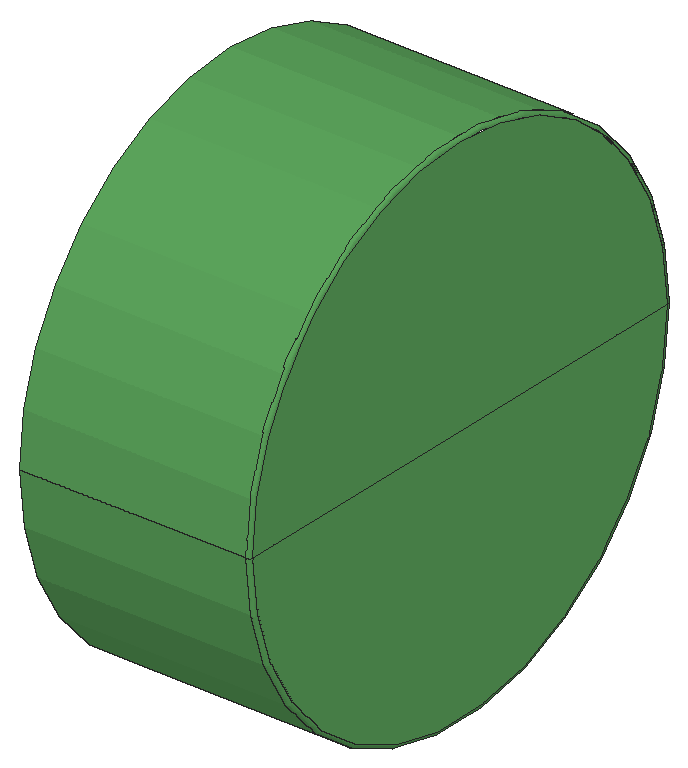
Revit family "Aquatherm_Заглушка для сварки встык", category Соединительные детали трубопроводов, Revit 2019
Family settings
  Размер круглого соединителя = Использовать диаметр
  Тип детали = Заглушка
  На основе рабочей плоскости = Нет
  Всегда вертикально = Да
  При загрузке вырезать с полостями = Нет
  Общий = Нет
Parameters (values of type "SDR 9")
  Материал_Корпус = AquaTherm green pipe
  z [instance] = size_lookup("Заглушка для сварки встык", "z", 5 mm, D, SDR)  # 17.9 mm
  URL = "www.agpipe.ru"
  SDR = 9 mm
  L [instance] = size_lookup("Заглушка для сварки встык", "L", 50 mm, D, SDR)  # 70 mm
  D [instance] = 160 mm
  d [instance] = size_lookup("Заглушка для сварки встык", "d", D - 40 mm, D, SDR)  # 124.2 mm
  ADSK_Примечание = ""
  ADSK_Позиция [instance] = ""
  ADSK_Обозначение = ""
  ADSK_Наименование [instance] = size_lookup("Заглушка для сварки встык", "ADSK_Наименование", "Нет в каталоге", D, SDR)  # "Заглушка для сварки встык DN160"
  ADSK_Масса_Текст [instance] = size_lookup("Заглушка для сварки встык", "ADSK_Масса_Текст", "Нет в каталоге", D, SDR)  # "0.847"
  ADSK_Код изделия [instance] = size_lookup("Заглушка для сварки встык", "ADSK_Код изделия", "Нет в каталоге", D, SDR)  # "314130"
  ADSK_Завод-изготовитель = "Aquatherm"  # constant formula
  ADSK_Единица измерения = "шт."  # constant formula
Types (5, lengths in mm): name | z | SDR | d | ADSK_Масса_Текст | ADSK_Код изделия
  (no name) | 17.9 | 9 | 124.2 | "0.847" | "314130"
  SDR 7.4 | 21.9 | 7.4 | 116.2 | "0.876" | "141330"
  SDR 9 | 17.9 | 9 | 124.2 | "0.847" | "314130"
  SDR 11 | 14.6 | 11 | 130.8 | "0.759" | "14131"
  SDR 17.6 | 9.1 | 17.6 | 141.8 | "0.679" | "2514130"
Reference planes
  plane 1 "По центру (Вперед/Назад)": y = 0
  plane 2: z = 0
  plane 3 "По центру (Влево/Вправо)": x = 0
  plane 4: y = -80
  plane 5: y = 80
  plane 6: x = -35
  plane 7: x = 35
  plane 8: x = 17.1
  plane 9: y = 62.1
  plane 10: y = -62.1
Forms (mm)
  Revolve 1, solid, material "AquaTherm green pipe" <- "Материал_Корпус"
    sketch origin (0, 0, 0) x (1, 0, 0) y (0, 1, 0)
      loop
        line (-35, 80) -> (-35, 62.1) -> (17.1, 62.1) -> (17.1, 0) -> (35, 0) -> (35, 78.8)
        arc (35, 78.8) -> (34.649, 79.649) -> (33.8, 80) r 1.2
        line (33.8, 80) -> (-35, 80)
      axis (-35, 0) -> (35, 0)
    angle from 0 to 360
Dimensions and locks
  equal spacing: plane 4, plane 1 "По центру (Вперед/Назад)", plane 5
  "D": plane 4 to plane 5
  equal spacing: plane 6, plane 3 "По центру (Влево/Вправо)", plane 7
  "L": plane 6 to plane 7
  "z": plane 8 to plane 7
  equal spacing: plane 9, plane 1 "По центру (Вперед/Назад)", plane 10
  "d": plane 9 to plane 10
  aligned and locked: level to plane 2
  aligned and locked: plane 9 to Revolve 1 sketch curve
  aligned and locked: plane 6 to Revolve 1 sketch curve
  aligned and locked: Revolve 1 sketch curve to plane 5
  aligned and locked: Revolve 1 sketch curve to plane 7
  aligned and locked: plane 8 to Revolve 1 sketch curve
  aligned and locked: Revolve 1 sketch curve to plane 1 "По центру (Вперед/Назад)"
Automatic sketch dimensions
  plane 1 "По центру (Вперед/Назад)" to Revolve 1 sketch curve = 0 mm
  Revolve 1 sketch curve to plane 5 = 1.2 mm
  Revolve 1 sketch curve to plane 6 = 25 mm
  Revolve 1 sketch curve to Revolve 1 sketch curve = 35 mm
Connectors
  piping at (-35, 0, 0), diameter 160, driven by "D"
    settings: on Revolve 1, index 1, connector inside diameter 609.6 mm, connector length 0 mm, flow factor 0, pipe flow 0.0 L/s, pressure drop 0.0 Pa, fitting loss kfactor 0, connector angle 0.00°, fixture units 0, engagement length 0 mm, angle of deflection 0.00°, flow configuration 0, flow direction 0, fitting loss method 0, system type 28, joint type 0, gender type 0, connector reference index -1, connector utility 0, adjustable connector no, is connector primary yes, connector description ""
